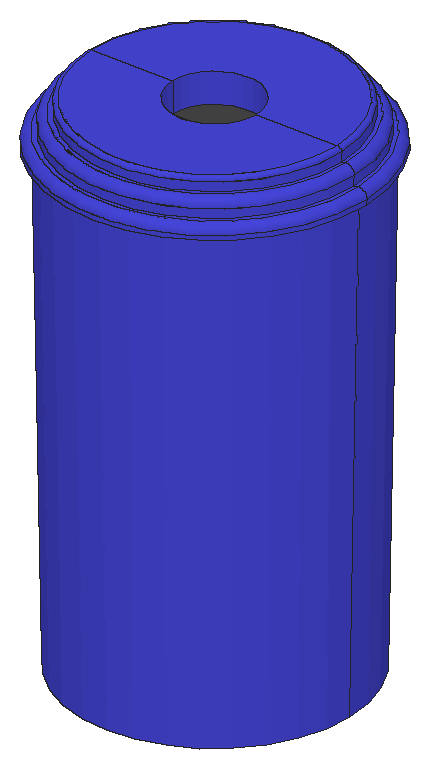
Revit family "M_Cesto de reciclagem-Redondo", category Equipamento especial, Revit 2019
Family settings
  Cota do conector redondo = Utilizar diâmetro
  Tipo de parte = Normal
  Número OmniClass = 23.15.30.21.11
  Título OmniClass = Bins
  ID de item do Seek = Recycle Bin-Round-0000-CAN-ENU
  Com base no plano de trabalho = Não
  Sempre na vertical = Sim
  Corte com vazios quando carregada = Não
  Compartilhado = Não
  Ponto de cálculo do ambiente = Não
Reference planes
  plane 1 "Centro (Frente/Trás)": y = 0
  plane 2: z = 0
  plane 3 "Centro (Esquerda/Direita)": x = 0
  plane 4: x = -215.9
  plane 5: x = 215.9
  plane 6: y = 215.9
  plane 7: y = -215.9
Forms (mm)
  Blend 1, solid, material "Plástico - Azul"
    base sketch origin (0, 0, 0) x (1, 0, 0) y (0, 1, 0)
      loop
        circle (0, 0) r 203.2
    top sketch origin (0, 0, 0) x (1, 0, 0) y (0, 1, 0)
      loop
        circle (0, 0) r 215.9
    from 0 to 698.5
  Revolve 2, solid, material "Plástico - Azul"
    sketch origin (0, 0, 0) x (1, 0, 0) y (0, 0, 1)
      loop
        line (0, 698.5) -> (228.6, 698.5) -> (228.6, 704.85)
        arc (228.6, 704.85) -> (224.88, 713.83) -> (215.9, 717.55) r 12.7
        line (215.9, 717.55) -> (209.55, 717.55) -> (209.55, 730.25)
        arc (209.55, 730.25) -> (205.83, 739.23) -> (196.85, 742.95) r 12.7
        line (196.85, 742.95) -> (190.5, 742.95) -> (190.5, 755.65)
        arc (190.5, 755.65) -> (188.64, 760.14) -> (184.15, 762) r 6.35
        line (184.15, 762) -> (63.5, 762) -> (63.5, 717.55) -> (0, 717.55) -> (0, 698.5)
      axis (0, 698.5) -> (0, 762)
    angle from 0 to 360
Lines and regions (mm)
  symbolic lines, detail levels medium+fine
    curve 1: line (-40.173, -263.525, 502.762) -> (-15.366, -263.525, 545.728)
    curve 2: line (-15.366, -263.525, 545.728) -> (19.853, -263.525, 545.728)
    curve 3: line (19.853, -263.525, 545.728) -> (38.101, -263.525, 514.121)
    curve 4: line (38.101, -263.525, 514.121) -> (49.66, -263.525, 520.903)
    curve 5: line (49.66, -263.525, 520.903) -> (34.28, -263.525, 489.798)
    curve 6: line (34.28, -263.525, 489.798) -> (-0.384, -263.525, 491.952)
    curve 7: line (-0.384, -263.525, 491.952) -> (11.616, -263.525, 498.993)
    curve 8: line (11.616, -263.525, 498.993) -> (-15.088, -263.525, 544.506)
    curve 9: line (2.423, -263.525, 514.661) -> (-13.57, -263.525, 487.403)
    curve 10: line (-13.57, -263.525, 487.403) -> (-40.173, -263.525, 502.762)
    curve 11: line (28.308, -263.525, 474.385) -> (55.076, -263.525, 489.839)
    curve 12: line (55.076, -263.525, 489.839) -> (79.89, -263.525, 446.861)
    curve 13: line (79.89, -263.525, 446.861) -> (62.174, -263.525, 416.668)
    curve 14: line (62.174, -263.525, 416.668) -> (26.143, -263.525, 416.668)
    curve 15: line (26.143, -263.525, 416.668) -> (26.143, -263.525, 402.133)
    curve 16: line (26.143, -263.525, 402.133) -> (6.508, -263.525, 431.586)
    curve 17: line (6.508, -263.525, 431.586) -> (25.922, -263.525, 460.707)
    curve 18: line (25.922, -263.525, 460.707) -> (25.922, -263.525, 446.747)
    curve 19: line (25.922, -263.525, 446.747) -> (44.525, -263.525, 446.747)
    curve 20: line (28.308, -263.525, 474.385) -> (62.174, -263.525, 416.668)
    curve 21: line (-66.486, -263.525, 483.221) -> (-29.761, -263.525, 485.331)
    curve 22: line (-29.761, -263.525, 485.331) -> (-14.525, -263.525, 453.966)
    curve 23: line (-14.525, -263.525, 453.966) -> (-26.546, -263.525, 460.793)
    curve 24: line (-26.546, -263.525, 460.793) -> (-35.859, -263.525, 444.398)
    curve 25: line (-70.89, -263.525, 444.398) -> (-4.109, -263.525, 444.398)
    curve 26: line (-4.109, -263.525, 444.398) -> (-4.109, -263.525, 414.529)
    curve 27: line (-4.109, -263.525, 414.529) -> (-53.645, -263.525, 414.529)
    curve 28: line (-53.645, -263.525, 414.529) -> (-70.89, -263.525, 444.398)
    curve 29: line (-70.89, -263.525, 444.398) -> (-53.136, -263.525, 476.62)
    curve 30: line (-53.136, -263.525, 476.62) -> (-66.486, -263.525, 483.221)
  symbolic lines, not visible, detail levels medium+fine
    curve 31: line (-40.173, -263.525, 471.012) -> (-15.366, -263.525, 513.978)
    curve 32: line (-15.366, -263.525, 513.978) -> (19.853, -263.525, 513.978)
    curve 33: line (19.853, -263.525, 513.978) -> (38.101, -263.525, 482.371)
    curve 34: line (38.101, -263.525, 482.371) -> (49.66, -263.525, 489.153)
    curve 35: line (49.66, -263.525, 489.153) -> (34.28, -263.525, 458.048)
    curve 36: line (34.28, -263.525, 458.048) -> (-0.384, -263.525, 460.202)
    curve 37: line (-0.384, -263.525, 460.202) -> (11.616, -263.525, 467.243)
    curve 38: line (11.616, -263.525, 467.243) -> (-15.088, -263.525, 512.756)
    curve 39: line (2.423, -263.525, 482.911) -> (-13.57, -263.525, 455.653)
    curve 40: line (-13.57, -263.525, 455.653) -> (-40.173, -263.525, 471.012)
    curve 41: line (28.308, -263.525, 442.635) -> (55.076, -263.525, 458.089)
    curve 42: line (55.076, -263.525, 458.089) -> (79.89, -263.525, 415.111)
    curve 43: line (79.89, -263.525, 415.111) -> (62.174, -263.525, 384.918)
    curve 44: line (62.174, -263.525, 384.918) -> (26.143, -263.525, 384.918)
    curve 45: line (26.143, -263.525, 384.918) -> (26.143, -263.525, 370.383)
    curve 46: line (26.143, -263.525, 370.383) -> (6.508, -263.525, 399.836)
    curve 47: line (6.508, -263.525, 399.836) -> (25.922, -263.525, 428.957)
    curve 48: line (25.922, -263.525, 428.957) -> (25.922, -263.525, 414.997)
    curve 49: line (25.922, -263.525, 414.997) -> (44.525, -263.525, 414.997)
    curve 50: line (28.308, -263.525, 442.635) -> (62.174, -263.525, 384.918)
    curve 51: line (-66.486, -263.525, 451.471) -> (-29.761, -263.525, 453.581)
    curve 52: line (-29.761, -263.525, 453.581) -> (-14.525, -263.525, 422.216)
    curve 53: line (-14.525, -263.525, 422.216) -> (-26.546, -263.525, 429.043)
    curve 54: line (-26.546, -263.525, 429.043) -> (-35.859, -263.525, 412.648)
    curve 55: line (-70.89, -263.525, 412.648) -> (-4.109, -263.525, 412.648)
    curve 56: line (-4.109, -263.525, 412.648) -> (-4.109, -263.525, 382.779)
    curve 57: line (-4.109, -263.525, 382.779) -> (-53.645, -263.525, 382.779)
    curve 58: line (-53.645, -263.525, 382.779) -> (-70.89, -263.525, 412.648)
    curve 59: line (-70.89, -263.525, 412.648) -> (-53.136, -263.525, 444.87)
    curve 60: line (-53.136, -263.525, 444.87) -> (-66.486, -263.525, 451.471)
  symbolic lines
    curve 61: circle (0, 0, 0) r 63.5 normal (0, 0, 1)
    curve 62: arc (190.5, 0, 0) -> (0, 190.5, 0) -> (-190.5, 0, 0) r 190.5
    curve 63: arc (-190.5, 0, 0) -> (0, -190.5, 0) -> (190.5, 0, 0) r 190.5
Dimensions and locks
  locked: Revolve 2 to curve 2 at 152.772
